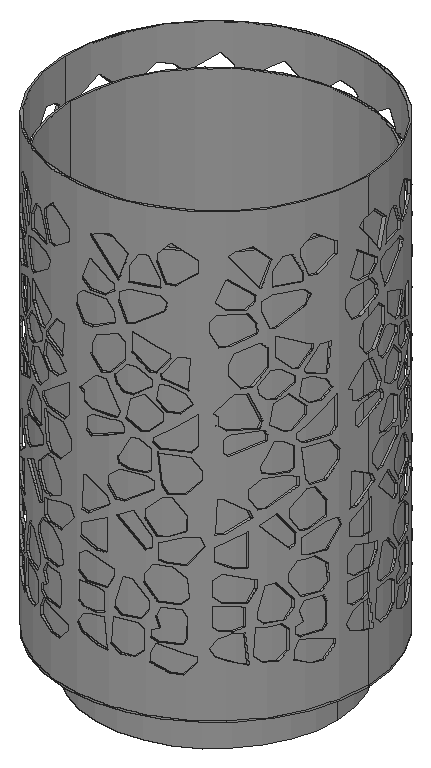
Revit family "Урна «Филигран» Арт 14824", category Антураж, Revit 2018 (continued)
Automatic sketch dimensions
  Extrusion 6 sketch curve to Extrusion 6 sketch curve = 5.343 mm
  Extrusion 6 sketch curve to Extrusion 6 sketch curve = 5.238 mm
  Extrusion 6 sketch curve to Extrusion 6 sketch curve = 10.547 mm
  Extrusion 6 sketch curve to Extrusion 6 sketch curve = 15.668 mm
  Extrusion 6 sketch curve to Extrusion 6 sketch curve = 21.141 mm
  Extrusion 6 sketch curve to Extrusion 6 sketch curve = 6.408 mm
  Extrusion 6 sketch curve to Extrusion 6 sketch curve = 9.325 mm
  Extrusion 6 sketch curve to Extrusion 6 sketch curve = 5.207 mm
  Extrusion 6 sketch curve to Extrusion 6 sketch curve = 3.067 mm
  Extrusion 6 sketch curve to Extrusion 6 sketch curve = 6.028 mm
  Extrusion 6 sketch curve to Extrusion 6 sketch curve = 15.909 mm
  Extrusion 6 sketch curve to Extrusion 6 sketch curve = 1.8 mm
  Extrusion 6 sketch curve to Extrusion 6 sketch curve = 5.975 mm
  Extrusion 6 sketch curve to Extrusion 6 sketch curve = 5.996 mm
  Extrusion 6 sketch curve to Extrusion 6 sketch curve = 6.584 mm
  Extrusion 6 sketch curve to Extrusion 6 sketch curve = 9.912 mm
  Extrusion 6 sketch curve to Extrusion 6 sketch curve = 13.31 mm
  Extrusion 6 sketch curve to Extrusion 6 sketch curve = 1.87 mm
  Extrusion 6 sketch curve to Extrusion 6 sketch curve = 6.81 mm
  Extrusion 6 sketch curve to Extrusion 6 sketch curve = 10.378 mm
  Extrusion 6 sketch curve to Extrusion 6 sketch curve = 3.026 mm
  Extrusion 6 sketch curve to Extrusion 6 sketch curve = 12.277 mm
  Extrusion 6 sketch curve to Extrusion 6 sketch curve = 5.217 mm
  Extrusion 6 sketch curve to Extrusion 6 sketch curve = 8.258 mm
  Extrusion 6 sketch curve to Extrusion 6 sketch curve = 9.845 mm
  Extrusion 6 sketch curve to Extrusion 6 sketch curve = 6.924 mm
  Extrusion 6 sketch curve to Extrusion 6 sketch curve = 5 mm  (x2)
  Extrusion 6 sketch curve to Extrusion 6 sketch curve = 6.001 mm
  Extrusion 6 sketch curve to Extrusion 6 sketch curve = 2.452 mm
  Extrusion 6 sketch curve to Extrusion 6 sketch curve = 5.552 mm
  Extrusion 6 sketch curve to Extrusion 6 sketch curve = 9.748 mm
  Extrusion 6 sketch curve to Extrusion 6 sketch curve = 6.592 mm
  Extrusion 6 sketch curve to Extrusion 6 sketch curve = 4.054 mm
  Extrusion 6 sketch curve to Extrusion 6 sketch curve = 9.124 mm
  Extrusion 6 sketch curve to Extrusion 6 sketch curve = 12.1 mm
  Extrusion 6 sketch curve to Extrusion 6 sketch curve = 2.912 mm
  Extrusion 6 sketch curve to Extrusion 6 sketch curve = 4.05 mm
  Extrusion 6 sketch curve to Extrusion 6 sketch curve = 11.595 mm
  Extrusion 6 sketch curve to Extrusion 6 sketch curve = 8.083 mm
  Extrusion 6 sketch curve to Extrusion 6 sketch curve = 17.565 mm
  Extrusion 6 sketch curve to Extrusion 6 sketch curve = 9.249 mm
  Extrusion 6 sketch curve to Extrusion 6 sketch curve = 10.206 mm
  Extrusion 6 sketch curve to Extrusion 6 sketch curve = 4.461 mm
  Extrusion 6 sketch curve to Extrusion 6 sketch curve = 0.23 mm
  Extrusion 6 sketch curve to Extrusion 6 sketch curve = 7.475 mm
  Extrusion 6 sketch curve to Extrusion 6 sketch curve = 8.77 mm
  Extrusion 6 sketch curve to Extrusion 6 sketch curve = 5.016 mm
  Extrusion 6 sketch curve to Extrusion 6 sketch curve = 8.471 mm
  level to Extrusion 7 sketch curve = 258.66 mm
  Extrusion 7 sketch curve to Extrusion 7 sketch curve = 3.475 mm
  Extrusion 7 sketch curve to Extrusion 7 sketch curve = 5.917 mm
  Extrusion 7 sketch curve to plane 6 = 57.671 mm  (x2)
  Extrusion 7 sketch curve to Extrusion 7 sketch curve = 4.003 mm
  Extrusion 7 sketch curve to Extrusion 7 sketch curve = 4.036 mm
  Extrusion 7 sketch curve to Extrusion 7 sketch curve = 8.618 mm
  Extrusion 7 sketch curve to plane 6 = 226.764 mm
  Extrusion 7 sketch curve to Extrusion 7 sketch curve = 4.755 mm
  Extrusion 7 sketch curve to plane 6 = 282.423 mm
  Extrusion 7 sketch curve to Extrusion 7 sketch curve = 7.071 mm  (x3)
  Extrusion 7 sketch curve to Extrusion 7 sketch curve = 2.95 mm
  Extrusion 7 sketch curve to Extrusion 7 sketch curve = 1.479 mm
  level to Extrusion 7 sketch curve = 196.579 mm
  Extrusion 7 sketch curve to Extrusion 7 sketch curve = 16.901 mm
  Extrusion 7 sketch curve to plane 6 = 210.193 mm
  Extrusion 7 sketch curve to Extrusion 7 sketch curve = 5.63 mm
  level to Extrusion 7 sketch curve = 219.818 mm
  Extrusion 7 sketch curve to Extrusion 7 sketch curve = 2.033 mm
  Extrusion 7 sketch curve to Extrusion 7 sketch curve = 0.296 mm
  level to Extrusion 7 sketch curve = 269.335 mm
  Extrusion 7 sketch curve to Extrusion 7 sketch curve = 13.314 mm
  level to Extrusion 7 sketch curve = 293.443 mm
  Extrusion 7 sketch curve to Extrusion 7 sketch curve = 0 mm  (x4)
  level to Extrusion 7 sketch curve = 174.886 mm
  Extrusion 7 sketch curve to Extrusion 7 sketch curve = 2.347 mm
  Extrusion 7 sketch curve to plane 6 = 214.574 mm
  Extrusion 7 sketch curve to Extrusion 7 sketch curve = 3.111 mm
  Extrusion 7 sketch curve to Extrusion 7 sketch curve = 1.921 mm
  level to Extrusion 7 sketch curve = 142.717 mm
  Extrusion 7 sketch curve to Extrusion 7 sketch curve = 3.5 mm
  Extrusion 7 sketch curve to Extrusion 7 sketch curve = 14.142 mm  (x2)
  Extrusion 7 sketch curve to Extrusion 7 sketch curve = 4.226 mm  (x2)
  Extrusion 7 sketch curve to plane 6 = 237.624 mm
  Extrusion 7 sketch curve to Extrusion 7 sketch curve = 13.411 mm
  Extrusion 7 sketch curve to Extrusion 7 sketch curve = 2.555 mm
  Extrusion 7 sketch curve to plane 6 = 171.858 mm
  Extrusion 7 sketch curve to Extrusion 7 sketch curve = 13.402 mm
  Extrusion 7 sketch curve to plane 6 = 88.362 mm
  Extrusion 7 sketch curve to Extrusion 7 sketch curve = 23.515 mm
  Extrusion 7 sketch curve to Extrusion 7 sketch curve = 12.773 mm
  level to Extrusion 7 sketch curve = 232.674 mm
  Extrusion 7 sketch curve to Extrusion 7 sketch curve = 15.025 mm
  Extrusion 7 sketch curve to plane 6 = 39.436 mm
  Extrusion 7 sketch curve to Extrusion 7 sketch curve = 28.08 mm
  Extrusion 7 sketch curve to plane 6 = 174.528 mm
  Extrusion 7 sketch curve to Extrusion 7 sketch curve = 7.66 mm
  Extrusion 7 sketch curve to Extrusion 7 sketch curve = 14.168 mm
  Extrusion 7 sketch curve to plane 6 = 206.419 mm
  Extrusion 7 sketch curve to Extrusion 7 sketch curve = 16.342 mm
  Extrusion 7 sketch curve to plane 6 = 109.299 mm
  Extrusion 7 sketch curve to Extrusion 7 sketch curve = 7.958 mm
  level to Extrusion 7 sketch curve = 266.542 mm
  Extrusion 7 sketch curve to Extrusion 7 sketch curve = 19.741 mm
  level to Extrusion 7 sketch curve = 317.862 mm
  Extrusion 7 sketch curve to Extrusion 7 sketch curve = 5.393 mm
  Extrusion 7 sketch curve to Extrusion 7 sketch curve = 14.055 mm
  level to Extrusion 7 sketch curve = 138.167 mm
  Extrusion 7 sketch curve to Extrusion 7 sketch curve = 17.512 mm
  Extrusion 7 sketch curve to Extrusion 7 sketch curve = 10 mm  (x6)
  Extrusion 7 sketch curve to Extrusion 7 sketch curve = 7.253 mm
  Extrusion 7 sketch curve to plane 6 = 120.866 mm  (x2)
  Extrusion 7 sketch curve to Extrusion 7 sketch curve = 3.536 mm  (x3)
  Extrusion 7 sketch curve to plane 6 = 239.831 mm
  Extrusion 7 sketch curve to Extrusion 7 sketch curve = 3.3 mm
  level to Extrusion 7 sketch curve = 313.668 mm
  Extrusion 7 sketch curve to Extrusion 7 sketch curve = 4.607 mm
  Extrusion 7 sketch curve to plane 6 = 324.159 mm
  Extrusion 7 sketch curve to Extrusion 7 sketch curve = 5.991 mm
  Extrusion 7 sketch curve to plane 6 = 200.187 mm
  Extrusion 7 sketch curve to Extrusion 7 sketch curve = 8.037 mm
  Extrusion 7 sketch curve to plane 6 = 83.398 mm
  Extrusion 7 sketch curve to Extrusion 7 sketch curve = 5.089 mm
  Extrusion 7 sketch curve to plane 6 = 102.168 mm
  level to Extrusion 7 sketch curve = 183.949 mm
  Extrusion 7 sketch curve to Extrusion 7 sketch curve = 20.212 mm
  Extrusion 7 sketch curve to plane 6 = 195.263 mm
  Extrusion 7 sketch curve to Extrusion 7 sketch curve = 0.868 mm
  Extrusion 7 sketch curve to Extrusion 7 sketch curve = 30.879 mm
  level to Extrusion 7 sketch curve = 159.317 mm  (x2)
  Extrusion 7 sketch curve to Extrusion 7 sketch curve = 6.83 mm
  Extrusion 7 sketch curve to Extrusion 7 sketch curve = 3.31 mm
  Extrusion 7 sketch curve to Extrusion 7 sketch curve = 2.209 mm
  Extrusion 7 sketch curve to Extrusion 7 sketch curve = 8.917 mm
  Extrusion 7 sketch curve to Extrusion 7 sketch curve = 3.401 mm
  level to Extrusion 7 sketch curve = 258.265 mm
  Extrusion 7 sketch curve to Extrusion 7 sketch curve = 10.671 mm
  Extrusion 7 sketch curve to Extrusion 7 sketch curve = 0.568 mm
  Extrusion 7 sketch curve to Extrusion 7 sketch curve = 4.256 mm
  Extrusion 7 sketch curve to Extrusion 7 sketch curve = 4.125 mm
  level to Extrusion 7 sketch curve = 140.693 mm
  Extrusion 7 sketch curve to Extrusion 7 sketch curve = 2.024 mm
  Extrusion 7 sketch curve to plane 6 = 225.97 mm
  Extrusion 7 sketch curve to Extrusion 7 sketch curve = 8.354 mm
  level to Extrusion 7 sketch curve = 173.096 mm
  Extrusion 7 sketch curve to Extrusion 7 sketch curve = 5.299 mm
  Extrusion 7 sketch curve to plane 6 = 320.969 mm
  Extrusion 7 sketch curve to Extrusion 7 sketch curve = 6.534 mm
  Extrusion 7 sketch curve to Extrusion 7 sketch curve = 4.612 mm
  Extrusion 7 sketch curve to plane 6 = 210.276 mm
  Extrusion 7 sketch curve to Extrusion 7 sketch curve = 5.606 mm
  Extrusion 7 sketch curve to Extrusion 7 sketch curve = 7.361 mm
  level to Extrusion 7 sketch curve = 252.15 mm
  Extrusion 7 sketch curve to Extrusion 7 sketch curve = 4.705 mm
  Extrusion 7 sketch curve to plane 6 = 283.32 mm
  Extrusion 7 sketch curve to Extrusion 7 sketch curve = 6.429 mm
  Extrusion 7 sketch curve to Extrusion 7 sketch curve = 8.905 mm
  level to Extrusion 7 sketch curve = 177.916 mm
  Extrusion 7 sketch curve to Extrusion 7 sketch curve = 5.74 mm
  level to Extrusion 7 sketch curve = 117.825 mm
  Extrusion 7 sketch curve to Extrusion 7 sketch curve = 20.352 mm
  Extrusion 7 sketch curve to Extrusion 7 sketch curve = 7.109 mm
  Extrusion 7 sketch curve to plane 6 = 264.693 mm  (x2)
  Extrusion 7 sketch curve to Extrusion 7 sketch curve = 3.592 mm  (x2)
  Extrusion 7 sketch curve to Extrusion 7 sketch curve = 8.132 mm
  Extrusion 7 sketch curve to plane 6 = 312.568 mm
  Extrusion 7 sketch curve to Extrusion 7 sketch curve = 5.459 mm
  level to Extrusion 7 sketch curve = 248.381 mm
  Extrusion 7 sketch curve to Extrusion 7 sketch curve = 6.799 mm  (x2)
  Extrusion 7 sketch curve to plane 6 = 220.729 mm
  Extrusion 7 sketch curve to Extrusion 7 sketch curve = 10.749 mm
  Extrusion 7 sketch curve to Extrusion 7 sketch curve = 5.002 mm
  Extrusion 7 sketch curve to Extrusion 7 sketch curve = 8.04 mm
  Extrusion 7 sketch curve to plane 6 = 315.46 mm
  Extrusion 7 sketch curve to Extrusion 7 sketch curve = 2.091 mm
  Extrusion 7 sketch curve to Extrusion 7 sketch curve = 9.117 mm
  Extrusion 7 sketch curve to Extrusion 7 sketch curve = 3.602 mm
  Extrusion 7 sketch curve to Extrusion 7 sketch curve = 8.566 mm
  Extrusion 7 sketch curve to Extrusion 7 sketch curve = 1.279 mm
  level to Extrusion 7 sketch curve = 161.682 mm
  Extrusion 7 sketch curve to Extrusion 7 sketch curve = 3.47 mm
  Extrusion 7 sketch curve to Extrusion 7 sketch curve = 12.786 mm
  level to Extrusion 7 sketch curve = 119.884 mm
  Extrusion 7 sketch curve to Extrusion 7 sketch curve = 9.727 mm
  Extrusion 7 sketch curve to plane 6 = 141.601 mm
  Extrusion 7 sketch curve to Extrusion 7 sketch curve = 31.076 mm
  Extrusion 7 sketch curve to plane 6 = 224.181 mm
  Extrusion 7 sketch curve to Extrusion 7 sketch curve = 11.559 mm
  level to Extrusion 7 sketch curve = 291.877 mm
  Extrusion 7 sketch curve to Extrusion 7 sketch curve = 11.676 mm
  Extrusion 7 sketch curve to Extrusion 7 sketch curve = 11.409 mm
  Extrusion 7 sketch curve to Extrusion 7 sketch curve = 2.481 mm
  Extrusion 7 sketch curve to Extrusion 7 sketch curve = 8.663 mm
  Extrusion 7 sketch curve to plane 6 = 229.884 mm
  Extrusion 7 sketch curve to Extrusion 7 sketch curve = 4.297 mm
  Extrusion 7 sketch curve to Extrusion 7 sketch curve = 15.112 mm
  Extrusion 7 sketch curve to Extrusion 7 sketch curve = 32.388 mm
  Extrusion 7 sketch curve to plane 6 = 74.992 mm
  Extrusion 7 sketch curve to plane 6 = 60.835 mm
  Extrusion 7 sketch curve to Extrusion 7 sketch curve = 10.174 mm
  Extrusion 7 sketch curve to Extrusion 7 sketch curve = 6.951 mm
  Extrusion 7 sketch curve to plane 6 = 253.55 mm
  Extrusion 7 sketch curve to Extrusion 7 sketch curve = 14.787 mm
  Extrusion 7 sketch curve to Extrusion 7 sketch curve = 1.016 mm
  Extrusion 7 sketch curve to Extrusion 7 sketch curve = 1.533 mm
  level to Extrusion 7 sketch curve = 299.941 mm  (x2)
  Extrusion 7 sketch curve to Extrusion 7 sketch curve = 8.716 mm
  Extrusion 7 sketch curve to Extrusion 7 sketch curve = 5.703 mm
  Extrusion 7 sketch curve to Extrusion 7 sketch curve = 10.281 mm
  Extrusion 7 sketch curve to Extrusion 7 sketch curve = 16.53 mm
  Extrusion 7 sketch curve to Extrusion 7 sketch curve = 3.13 mm
  Extrusion 7 sketch curve to plane 6 = 248.305 mm
  Extrusion 7 sketch curve to Extrusion 7 sketch curve = 5.753 mm
  Extrusion 7 sketch curve to Extrusion 7 sketch curve = 15 mm  (x3)
  Extrusion 7 sketch curve to Extrusion 7 sketch curve = 9.888 mm
  Extrusion 7 sketch curve to plane 6 = 308.711 mm
  Extrusion 7 sketch curve to Extrusion 7 sketch curve = 0.709 mm
  Extrusion 7 sketch curve to plane 6 = 94.306 mm
  Extrusion 7 sketch curve to Extrusion 7 sketch curve = 10.408 mm
  Extrusion 7 sketch curve to plane 6 = 108.218 mm
  Extrusion 7 sketch curve to Extrusion 7 sketch curve = 10.479 mm
  Extrusion 7 sketch curve to plane 6 = 156.19 mm
  Extrusion 7 sketch curve to Extrusion 7 sketch curve = 8.092 mm  (x2)
  Extrusion 7 sketch curve to plane 6 = 301.55 mm
  Extrusion 7 sketch curve to Extrusion 7 sketch curve = 0.753 mm
  Extrusion 7 sketch curve to Extrusion 7 sketch curve = 4.108 mm
  Extrusion 7 sketch curve to plane 6 = 217.11 mm
  level to Extrusion 7 sketch curve = 280.985 mm
  Extrusion 7 sketch curve to Extrusion 7 sketch curve = 16.773 mm
  Extrusion 7 sketch curve to plane 6 = 259.047 mm
  Extrusion 7 sketch curve to Extrusion 7 sketch curve = 0.892 mm
  Extrusion 7 sketch curve to plane 6 = 145.27 mm
  Extrusion 7 sketch curve to Extrusion 7 sketch curve = 1.907 mm
  Extrusion 7 sketch curve to Extrusion 7 sketch curve = 8.614 mm
  Extrusion 7 sketch curve to plane 6 = 133.343 mm
  Extrusion 7 sketch curve to Extrusion 7 sketch curve = 1.043 mm
  Extrusion 7 sketch curve to Extrusion 7 sketch curve = 7.325 mm
  Extrusion 7 sketch curve to Extrusion 7 sketch curve = 6.503 mm  (x2)
  Extrusion 7 sketch curve to plane 6 = 207.262 mm
  Extrusion 7 sketch curve to Extrusion 7 sketch curve = 1.736 mm
  Extrusion 7 sketch curve to Extrusion 7 sketch curve = 4.183 mm
  Extrusion 7 sketch curve to Extrusion 7 sketch curve = 8.47 mm
  Extrusion 7 sketch curve to plane 6 = 43.158 mm
  Extrusion 7 sketch curve to Extrusion 7 sketch curve = 17.678 mm  (x2)
  level to Extrusion 7 sketch curve = 129.202 mm
  Extrusion 7 sketch curve to Extrusion 7 sketch curve = 9.318 mm
  Extrusion 7 sketch curve to plane 6 = 206.245 mm
  Extrusion 7 sketch curve to Extrusion 7 sketch curve = 3.834 mm
  level to Extrusion 7 sketch curve = 290.544 mm
  Extrusion 7 sketch curve to Extrusion 7 sketch curve = 4.991 mm
  level to Extrusion 7 sketch curve = 119.52 mm
  Extrusion 7 sketch curve to Extrusion 7 sketch curve = 3.033 mm
  Extrusion 7 sketch curve to Extrusion 7 sketch curve = 8.412 mm
  Extrusion 7 sketch curve to Extrusion 7 sketch curve = 11.911 mm
  Extrusion 7 sketch curve to Extrusion 7 sketch curve = 7.65 mm  (x2)
  Extrusion 7 sketch curve to Extrusion 7 sketch curve = 4.293 mm
  Extrusion 7 sketch curve to Extrusion 7 sketch curve = 11.709 mm
  Extrusion 7 sketch curve to Extrusion 7 sketch curve = 0.819 mm
  Extrusion 7 sketch curve to Extrusion 7 sketch curve = 2.609 mm
  level to Extrusion 7 sketch curve = 157.069 mm
  Extrusion 7 sketch curve to plane 6 = 207.982 mm
  Extrusion 7 sketch curve to Extrusion 7 sketch curve = 5.555 mm
  level to Extrusion 7 sketch curve = 189.187 mm
  Extrusion 7 sketch curve to Extrusion 7 sketch curve = 6.128 mm
  level to Extrusion 7 sketch curve = 121.879 mm
  Extrusion 7 sketch curve to Extrusion 7 sketch curve = 10.218 mm
  Extrusion 7 sketch curve to Extrusion 7 sketch curve = 10.487 mm
  Extrusion 7 sketch curve to plane 6 = 47.04 mm
  Extrusion 7 sketch curve to Extrusion 7 sketch curve = 14.489 mm
  Extrusion 7 sketch curve to Extrusion 7 sketch curve = 5.237 mm
  Extrusion 7 sketch curve to Extrusion 7 sketch curve = 9.063 mm
  Extrusion 7 sketch curve to plane 6 = 167.149 mm
  Extrusion 7 sketch curve to Extrusion 7 sketch curve = 22.47 mm
  Extrusion 7 sketch curve to Extrusion 7 sketch curve = 2.619 mm
  level to Extrusion 7 sketch curve = 156.034 mm
  Extrusion 7 sketch curve to plane 6 = 261.534 mm
  Extrusion 7 sketch curve to Extrusion 7 sketch curve = 23.668 mm
  Extrusion 7 sketch curve to plane 6 = 287.11 mm
  Extrusion 7 sketch curve to Extrusion 7 sketch curve = 1.426 mm
  Extrusion 7 sketch curve to plane 6 = 180.532 mm
  Extrusion 7 sketch curve to Extrusion 7 sketch curve = 4.574 mm
  Extrusion 7 sketch curve to Extrusion 7 sketch curve = 1.848 mm
  Extrusion 7 sketch curve to plane 6 = 52.801 mm
  Extrusion 7 sketch curve to Extrusion 7 sketch curve = 5.761 mm
  Extrusion 7 sketch curve to plane 6 = 78.801 mm
  Extrusion 7 sketch curve to Extrusion 7 sketch curve = 1.466 mm
  level to Extrusion 7 sketch curve = 272.528 mm
  Extrusion 7 sketch curve to Extrusion 7 sketch curve = 18.596 mm
  Extrusion 7 sketch curve to Extrusion 7 sketch curve = 4.575 mm  (x2)
  level to Extrusion 7 sketch curve = 191.538 mm
  Extrusion 7 sketch curve to Extrusion 7 sketch curve = 11.805 mm
  level to Extrusion 7 sketch curve = 227.467 mm
  Extrusion 7 sketch curve to Extrusion 7 sketch curve = 10.054 mm
  Extrusion 7 sketch curve to Extrusion 7 sketch curve = 20.79 mm
  Extrusion 7 sketch curve to Extrusion 7 sketch curve = 8.964 mm
  Extrusion 7 sketch curve to plane 6 = 158.654 mm
  Extrusion 7 sketch curve to Extrusion 7 sketch curve = 9.033 mm
  Extrusion 7 sketch curve to Extrusion 7 sketch curve = 7.689 mm
  level to Extrusion 7 sketch curve = 151.454 mm
  Extrusion 7 sketch curve to Extrusion 7 sketch curve = 0.858 mm
  Extrusion 7 sketch curve to Extrusion 7 sketch curve = 8.252 mm
  Extrusion 7 sketch curve to Extrusion 7 sketch curve = 3.917 mm
  level to Extrusion 7 sketch curve = 129.963 mm
  Extrusion 7 sketch curve to Extrusion 7 sketch curve = 16.557 mm
  level to Extrusion 7 sketch curve = 273.191 mm
  Extrusion 7 sketch curve to Extrusion 7 sketch curve = 7.576 mm
  Extrusion 7 sketch curve to plane 6 = 106.405 mm
  level to Extrusion 7 sketch curve = 240.883 mm
  Extrusion 7 sketch curve to Extrusion 7 sketch curve = 6.759 mm
  Extrusion 7 sketch curve to plane 6 = 236.112 mm
  Extrusion 7 sketch curve to Extrusion 7 sketch curve = 8.195 mm  (x2)
  level to Extrusion 7 sketch curve = 219.272 mm
  level to Extrusion 7 sketch curve = 139.026 mm
  Extrusion 7 sketch curve to Extrusion 7 sketch curve = 7.097 mm
  Extrusion 7 sketch curve to Extrusion 7 sketch curve = 34.828 mm
  Extrusion 7 sketch curve to Extrusion 7 sketch curve = 10.416 mm
  Extrusion 7 sketch curve to Extrusion 7 sketch curve = 7.062 mm
  Extrusion 7 sketch curve to Extrusion 7 sketch curve = 1.37 mm
  Extrusion 7 sketch curve to Extrusion 7 sketch curve = 7.169 mm
  Extrusion 7 sketch curve to Extrusion 7 sketch curve = 7.12 mm
  Extrusion 7 sketch curve to Extrusion 7 sketch curve = 0.554 mm
  Extrusion 7 sketch curve to Extrusion 7 sketch curve = 6.475 mm
  Extrusion 7 sketch curve to Extrusion 7 sketch curve = 5.338 mm
  Extrusion 7 sketch curve to Extrusion 7 sketch curve = 3.946 mm
  Extrusion 7 sketch curve to Extrusion 7 sketch curve = 6.938 mm
  Extrusion 7 sketch curve to Extrusion 7 sketch curve = 5.343 mm
  Extrusion 7 sketch curve to Extrusion 7 sketch curve = 5.238 mm
  Extrusion 7 sketch curve to Extrusion 7 sketch curve = 10.547 mm
  Extrusion 7 sketch curve to Extrusion 7 sketch curve = 15.668 mm
  Extrusion 7 sketch curve to Extrusion 7 sketch curve = 21.141 mm
  Extrusion 7 sketch curve to Extrusion 7 sketch curve = 6.408 mm
  Extrusion 7 sketch curve to Extrusion 7 sketch curve = 9.325 mm
  Extrusion 7 sketch curve to Extrusion 7 sketch curve = 5.207 mm
  Extrusion 7 sketch curve to Extrusion 7 sketch curve = 3.067 mm
  Extrusion 7 sketch curve to Extrusion 7 sketch curve = 6.028 mm
  Extrusion 7 sketch curve to Extrusion 7 sketch curve = 15.909 mm
  Extrusion 7 sketch curve to Extrusion 7 sketch curve = 1.8 mm
  Extrusion 7 sketch curve to Extrusion 7 sketch curve = 5.975 mm
  Extrusion 7 sketch curve to Extrusion 7 sketch curve = 5.996 mm
  Extrusion 7 sketch curve to Extrusion 7 sketch curve = 6.584 mm
  Extrusion 7 sketch curve to Extrusion 7 sketch curve = 9.912 mm
  Extrusion 7 sketch curve to Extrusion 7 sketch curve = 13.31 mm
  Extrusion 7 sketch curve to Extrusion 7 sketch curve = 1.87 mm
  Extrusion 7 sketch curve to Extrusion 7 sketch curve = 6.81 mm
  Extrusion 7 sketch curve to Extrusion 7 sketch curve = 10.378 mm
  Extrusion 7 sketch curve to Extrusion 7 sketch curve = 3.026 mm
  Extrusion 7 sketch curve to Extrusion 7 sketch curve = 12.277 mm
  Extrusion 7 sketch curve to Extrusion 7 sketch curve = 5.217 mm
  Extrusion 7 sketch curve to Extrusion 7 sketch curve = 8.258 mm
  Extrusion 7 sketch curve to Extrusion 7 sketch curve = 9.845 mm
  Extrusion 7 sketch curve to Extrusion 7 sketch curve = 6.924 mm
  Extrusion 7 sketch curve to Extrusion 7 sketch curve = 5 mm  (x2)
  Extrusion 7 sketch curve to Extrusion 7 sketch curve = 6.001 mm
  Extrusion 7 sketch curve to Extrusion 7 sketch curve = 2.452 mm
  Extrusion 7 sketch curve to Extrusion 7 sketch curve = 5.552 mm
  Extrusion 7 sketch curve to Extrusion 7 sketch curve = 9.748 mm
  Extrusion 7 sketch curve to Extrusion 7 sketch curve = 6.592 mm
  Extrusion 7 sketch curve to Extrusion 7 sketch curve = 4.054 mm
  Extrusion 7 sketch curve to Extrusion 7 sketch curve = 9.124 mm
  Extrusion 7 sketch curve to Extrusion 7 sketch curve = 12.1 mm
  Extrusion 7 sketch curve to Extrusion 7 sketch curve = 2.912 mm
  Extrusion 7 sketch curve to Extrusion 7 sketch curve = 4.05 mm
  Extrusion 7 sketch curve to Extrusion 7 sketch curve = 11.595 mm
  Extrusion 7 sketch curve to Extrusion 7 sketch curve = 8.083 mm
  Extrusion 7 sketch curve to Extrusion 7 sketch curve = 17.565 mm
  Extrusion 7 sketch curve to Extrusion 7 sketch curve = 9.249 mm
  Extrusion 7 sketch curve to Extrusion 7 sketch curve = 10.206 mm
  Extrusion 7 sketch curve to Extrusion 7 sketch curve = 4.461 mm
  Extrusion 7 sketch curve to Extrusion 7 sketch curve = 0.23 mm
  Extrusion 7 sketch curve to Extrusion 7 sketch curve = 7.475 mm
  Extrusion 7 sketch curve to Extrusion 7 sketch curve = 8.77 mm
  Extrusion 7 sketch curve to Extrusion 7 sketch curve = 5.016 mm
  Extrusion 7 sketch curve to Extrusion 7 sketch curve = 8.471 mm
  level to Extrusion 8 sketch curve = 258.66 mm
  Extrusion 8 sketch curve to Extrusion 8 sketch curve = 3.475 mm
  Extrusion 8 sketch curve to Extrusion 8 sketch curve = 5.917 mm
  Extrusion 8 sketch curve to plane 6 = 57.671 mm  (x2)
  Extrusion 8 sketch curve to Extrusion 8 sketch curve = 4.003 mm
  Extrusion 8 sketch curve to Extrusion 8 sketch curve = 4.036 mm
  Extrusion 8 sketch curve to Extrusion 8 sketch curve = 8.618 mm
  Extrusion 8 sketch curve to plane 6 = 226.764 mm
  Extrusion 8 sketch curve to Extrusion 8 sketch curve = 4.755 mm
  Extrusion 8 sketch curve to plane 6 = 282.423 mm
  Extrusion 8 sketch curve to Extrusion 8 sketch curve = 7.071 mm  (x3)
  Extrusion 8 sketch curve to Extrusion 8 sketch curve = 2.95 mm
  Extrusion 8 sketch curve to Extrusion 8 sketch curve = 1.479 mm
  level to Extrusion 8 sketch curve = 196.579 mm
  Extrusion 8 sketch curve to Extrusion 8 sketch curve = 16.901 mm
  Extrusion 8 sketch curve to plane 6 = 210.193 mm
  Extrusion 8 sketch curve to Extrusion 8 sketch curve = 5.63 mm
  level to Extrusion 8 sketch curve = 219.818 mm
  Extrusion 8 sketch curve to Extrusion 8 sketch curve = 2.033 mm
  Extrusion 8 sketch curve to Extrusion 8 sketch curve = 0.296 mm
  level to Extrusion 8 sketch curve = 269.335 mm
  Extrusion 8 sketch curve to Extrusion 8 sketch curve = 13.314 mm
  level to Extrusion 8 sketch curve = 293.443 mm
  Extrusion 8 sketch curve to Extrusion 8 sketch curve = 0 mm  (x4)
  level to Extrusion 8 sketch curve = 174.886 mm
  Extrusion 8 sketch curve to Extrusion 8 sketch curve = 2.347 mm
  Extrusion 8 sketch curve to plane 6 = 214.574 mm
  Extrusion 8 sketch curve to Extrusion 8 sketch curve = 3.111 mm
  Extrusion 8 sketch curve to Extrusion 8 sketch curve = 1.921 mm
  level to Extrusion 8 sketch curve = 142.717 mm
  Extrusion 8 sketch curve to Extrusion 8 sketch curve = 3.5 mm
  Extrusion 8 sketch curve to Extrusion 8 sketch curve = 14.142 mm  (x2)
  Extrusion 8 sketch curve to Extrusion 8 sketch curve = 4.226 mm  (x2)
  Extrusion 8 sketch curve to plane 6 = 237.624 mm
  Extrusion 8 sketch curve to Extrusion 8 sketch curve = 13.411 mm
  Extrusion 8 sketch curve to Extrusion 8 sketch curve = 2.555 mm
  Extrusion 8 sketch curve to plane 6 = 171.858 mm
  Extrusion 8 sketch curve to Extrusion 8 sketch curve = 13.402 mm
  Extrusion 8 sketch curve to plane 6 = 88.362 mm
  Extrusion 8 sketch curve to Extrusion 8 sketch curve = 23.515 mm
  Extrusion 8 sketch curve to Extrusion 8 sketch curve = 12.773 mm
  level to Extrusion 8 sketch curve = 232.674 mm
  Extrusion 8 sketch curve to Extrusion 8 sketch curve = 15.025 mm
  Extrusion 8 sketch curve to plane 6 = 39.436 mm
  Extrusion 8 sketch curve to Extrusion 8 sketch curve = 28.08 mm
  Extrusion 8 sketch curve to plane 6 = 174.528 mm
  Extrusion 8 sketch curve to Extrusion 8 sketch curve = 7.66 mm
  Extrusion 8 sketch curve to Extrusion 8 sketch curve = 14.168 mm
  Extrusion 8 sketch curve to plane 6 = 206.419 mm
  Extrusion 8 sketch curve to Extrusion 8 sketch curve = 16.342 mm
  Extrusion 8 sketch curve to plane 6 = 109.299 mm
  Extrusion 8 sketch curve to Extrusion 8 sketch curve = 7.958 mm
  level to Extrusion 8 sketch curve = 266.542 mm
  Extrusion 8 sketch curve to Extrusion 8 sketch curve = 19.741 mm
  level to Extrusion 8 sketch curve = 317.862 mm
  Extrusion 8 sketch curve to Extrusion 8 sketch curve = 5.393 mm
  Extrusion 8 sketch curve to Extrusion 8 sketch curve = 14.055 mm
  level to Extrusion 8 sketch curve = 138.167 mm
  Extrusion 8 sketch curve to Extrusion 8 sketch curve = 17.512 mm
  Extrusion 8 sketch curve to Extrusion 8 sketch curve = 10 mm  (x6)
  Extrusion 8 sketch curve to Extrusion 8 sketch curve = 7.253 mm
  Extrusion 8 sketch curve to plane 6 = 120.866 mm  (x2)
  Extrusion 8 sketch curve to Extrusion 8 sketch curve = 3.536 mm  (x3)
  Extrusion 8 sketch curve to plane 6 = 239.831 mm
  Extrusion 8 sketch curve to Extrusion 8 sketch curve = 3.3 mm
  level to Extrusion 8 sketch curve = 313.668 mm
  Extrusion 8 sketch curve to Extrusion 8 sketch curve = 4.607 mm
  Extrusion 8 sketch curve to plane 6 = 324.159 mm
  Extrusion 8 sketch curve to Extrusion 8 sketch curve = 5.991 mm
  Extrusion 8 sketch curve to plane 6 = 200.187 mm
  Extrusion 8 sketch curve to Extrusion 8 sketch curve = 8.037 mm
  Extrusion 8 sketch curve to plane 6 = 83.398 mm
  Extrusion 8 sketch curve to Extrusion 8 sketch curve = 5.089 mm
  Extrusion 8 sketch curve to plane 6 = 102.168 mm
  level to Extrusion 8 sketch curve = 183.949 mm
  Extrusion 8 sketch curve to Extrusion 8 sketch curve = 20.212 mm
  Extrusion 8 sketch curve to plane 6 = 195.263 mm
  Extrusion 8 sketch curve to Extrusion 8 sketch curve = 0.868 mm
  Extrusion 8 sketch curve to Extrusion 8 sketch curve = 30.879 mm
  level to Extrusion 8 sketch curve = 159.317 mm  (x2)
  Extrusion 8 sketch curve to Extrusion 8 sketch curve = 6.83 mm
  Extrusion 8 sketch curve to Extrusion 8 sketch curve = 3.31 mm
  Extrusion 8 sketch curve to Extrusion 8 sketch curve = 2.209 mm
  Extrusion 8 sketch curve to Extrusion 8 sketch curve = 8.917 mm
  Extrusion 8 sketch curve to Extrusion 8 sketch curve = 3.401 mm
  level to Extrusion 8 sketch curve = 258.265 mm
  Extrusion 8 sketch curve to Extrusion 8 sketch curve = 10.671 mm
  Extrusion 8 sketch curve to Extrusion 8 sketch curve = 0.568 mm
  Extrusion 8 sketch curve to Extrusion 8 sketch curve = 4.256 mm
  Extrusion 8 sketch curve to Extrusion 8 sketch curve = 4.125 mm
  level to Extrusion 8 sketch curve = 140.693 mm
  Extrusion 8 sketch curve to Extrusion 8 sketch curve = 2.024 mm
  Extrusion 8 sketch curve to plane 6 = 225.97 mm
  Extrusion 8 sketch curve to Extrusion 8 sketch curve = 8.354 mm
  level to Extrusion 8 sketch curve = 173.096 mm
  Extrusion 8 sketch curve to Extrusion 8 sketch curve = 5.299 mm
  Extrusion 8 sketch curve to plane 6 = 320.969 mm
  Extrusion 8 sketch curve to Extrusion 8 sketch curve = 6.534 mm
  Extrusion 8 sketch curve to Extrusion 8 sketch curve = 4.612 mm
  Extrusion 8 sketch curve to plane 6 = 210.276 mm
  Extrusion 8 sketch curve to Extrusion 8 sketch curve = 5.606 mm
  Extrusion 8 sketch curve to Extrusion 8 sketch curve = 7.361 mm
  level to Extrusion 8 sketch curve = 252.15 mm
  Extrusion 8 sketch curve to Extrusion 8 sketch curve = 4.705 mm
  Extrusion 8 sketch curve to plane 6 = 283.32 mm
  Extrusion 8 sketch curve to Extrusion 8 sketch curve = 6.429 mm
  Extrusion 8 sketch curve to Extrusion 8 sketch curve = 8.905 mm
  level to Extrusion 8 sketch curve = 177.916 mm
  Extrusion 8 sketch curve to Extrusion 8 sketch curve = 5.74 mm
  level to Extrusion 8 sketch curve = 117.825 mm
  Extrusion 8 sketch curve to Extrusion 8 sketch curve = 20.352 mm
  Extrusion 8 sketch curve to Extrusion 8 sketch curve = 7.109 mm
  Extrusion 8 sketch curve to plane 6 = 264.693 mm  (x2)
  Extrusion 8 sketch curve to Extrusion 8 sketch curve = 3.592 mm  (x2)
  Extrusion 8 sketch curve to Extrusion 8 sketch curve = 8.132 mm
  Extrusion 8 sketch curve to plane 6 = 312.568 mm
  Extrusion 8 sketch curve to Extrusion 8 sketch curve = 5.459 mm
  level to Extrusion 8 sketch curve = 248.381 mm
  Extrusion 8 sketch curve to Extrusion 8 sketch curve = 6.799 mm  (x2)
  Extrusion 8 sketch curve to plane 6 = 220.729 mm
  Extrusion 8 sketch curve to Extrusion 8 sketch curve = 10.749 mm
  Extrusion 8 sketch curve to Extrusion 8 sketch curve = 5.002 mm
  Extrusion 8 sketch curve to Extrusion 8 sketch curve = 8.04 mm
  Extrusion 8 sketch curve to plane 6 = 315.46 mm
  Extrusion 8 sketch curve to Extrusion 8 sketch curve = 2.091 mm
  Extrusion 8 sketch curve to Extrusion 8 sketch curve = 9.117 mm
  Extrusion 8 sketch curve to Extrusion 8 sketch curve = 3.602 mm
  Extrusion 8 sketch curve to Extrusion 8 sketch curve = 8.566 mm
  Extrusion 8 sketch curve to Extrusion 8 sketch curve = 1.279 mm
  level to Extrusion 8 sketch curve = 161.682 mm
  Extrusion 8 sketch curve to Extrusion 8 sketch curve = 3.47 mm
  Extrusion 8 sketch curve to Extrusion 8 sketch curve = 12.786 mm
  level to Extrusion 8 sketch curve = 119.884 mm
  Extrusion 8 sketch curve to Extrusion 8 sketch curve = 9.727 mm
  Extrusion 8 sketch curve to plane 6 = 141.601 mm
  Extrusion 8 sketch curve to Extrusion 8 sketch curve = 31.076 mm
  Extrusion 8 sketch curve to plane 6 = 224.181 mm
  Extrusion 8 sketch curve to Extrusion 8 sketch curve = 11.559 mm
  level to Extrusion 8 sketch curve = 291.877 mm
  Extrusion 8 sketch curve to Extrusion 8 sketch curve = 11.676 mm
  Extrusion 8 sketch curve to Extrusion 8 sketch curve = 11.409 mm
  Extrusion 8 sketch curve to Extrusion 8 sketch curve = 2.481 mm
  Extrusion 8 sketch curve to Extrusion 8 sketch curve = 8.663 mm
  Extrusion 8 sketch curve to plane 6 = 229.884 mm
  Extrusion 8 sketch curve to Extrusion 8 sketch curve = 4.297 mm
  Extrusion 8 sketch curve to Extrusion 8 sketch curve = 15.112 mm
  Extrusion 8 sketch curve to Extrusion 8 sketch curve = 32.388 mm
  Extrusion 8 sketch curve to plane 6 = 74.992 mm
  Extrusion 8 sketch curve to plane 6 = 60.835 mm
  Extrusion 8 sketch curve to Extrusion 8 sketch curve = 10.174 mm
  Extrusion 8 sketch curve to Extrusion 8 sketch curve = 6.951 mm
  Extrusion 8 sketch curve to plane 6 = 253.55 mm
  Extrusion 8 sketch curve to Extrusion 8 sketch curve = 14.787 mm
  Extrusion 8 sketch curve to Extrusion 8 sketch curve = 1.016 mm
  Extrusion 8 sketch curve to Extrusion 8 sketch curve = 1.533 mm
  level to Extrusion 8 sketch curve = 299.941 mm  (x2)
  Extrusion 8 sketch curve to Extrusion 8 sketch curve = 8.716 mm
  Extrusion 8 sketch curve to Extrusion 8 sketch curve = 5.703 mm
  Extrusion 8 sketch curve to Extrusion 8 sketch curve = 10.281 mm
  Extrusion 8 sketch curve to Extrusion 8 sketch curve = 16.53 mm
  Extrusion 8 sketch curve to Extrusion 8 sketch curve = 3.13 mm
  Extrusion 8 sketch curve to plane 6 = 248.305 mm
  Extrusion 8 sketch curve to Extrusion 8 sketch curve = 5.753 mm
  Extrusion 8 sketch curve to Extrusion 8 sketch curve = 15 mm  (x3)
  Extrusion 8 sketch curve to Extrusion 8 sketch curve = 9.888 mm
  Extrusion 8 sketch curve to plane 6 = 308.711 mm
  Extrusion 8 sketch curve to Extrusion 8 sketch curve = 0.709 mm
  Extrusion 8 sketch curve to plane 6 = 94.306 mm
  Extrusion 8 sketch curve to Extrusion 8 sketch curve = 10.408 mm
  Extrusion 8 sketch curve to plane 6 = 108.218 mm
  Extrusion 8 sketch curve to Extrusion 8 sketch curve = 10.479 mm
  Extrusion 8 sketch curve to plane 6 = 156.19 mm
  Extrusion 8 sketch curve to Extrusion 8 sketch curve = 8.092 mm  (x2)
  Extrusion 8 sketch curve to plane 6 = 301.55 mm
  Extrusion 8 sketch curve to Extrusion 8 sketch curve = 0.753 mm
  Extrusion 8 sketch curve to Extrusion 8 sketch curve = 4.108 mm
  Extrusion 8 sketch curve to plane 6 = 217.11 mm
  level to Extrusion 8 sketch curve = 280.985 mm
  Extrusion 8 sketch curve to Extrusion 8 sketch curve = 16.773 mm
  Extrusion 8 sketch curve to plane 6 = 259.047 mm
  Extrusion 8 sketch curve to Extrusion 8 sketch curve = 0.892 mm
  Extrusion 8 sketch curve to plane 6 = 145.27 mm
  Extrusion 8 sketch curve to Extrusion 8 sketch curve = 1.907 mm
  Extrusion 8 sketch curve to Extrusion 8 sketch curve = 8.614 mm
  Extrusion 8 sketch curve to plane 6 = 133.343 mm
  Extrusion 8 sketch curve to Extrusion 8 sketch curve = 1.043 mm
  Extrusion 8 sketch curve to Extrusion 8 sketch curve = 7.325 mm
  Extrusion 8 sketch curve to Extrusion 8 sketch curve = 6.503 mm  (x2)
  Extrusion 8 sketch curve to plane 6 = 207.262 mm
  Extrusion 8 sketch curve to Extrusion 8 sketch curve = 1.736 mm
  Extrusion 8 sketch curve to Extrusion 8 sketch curve = 4.183 mm
  Extrusion 8 sketch curve to Extrusion 8 sketch curve = 8.47 mm
  Extrusion 8 sketch curve to plane 6 = 43.158 mm
  Extrusion 8 sketch curve to Extrusion 8 sketch curve = 17.678 mm  (x2)
  level to Extrusion 8 sketch curve = 129.202 mm
  Extrusion 8 sketch curve to Extrusion 8 sketch curve = 9.318 mm
  Extrusion 8 sketch curve to plane 6 = 206.245 mm
  Extrusion 8 sketch curve to Extrusion 8 sketch curve = 3.834 mm
  level to Extrusion 8 sketch curve = 290.544 mm
  Extrusion 8 sketch curve to Extrusion 8 sketch curve = 4.991 mm
  level to Extrusion 8 sketch curve = 119.52 mm
  Extrusion 8 sketch curve to Extrusion 8 sketch curve = 3.033 mm
  Extrusion 8 sketch curve to Extrusion 8 sketch curve = 8.412 mm
  Extrusion 8 sketch curve to Extrusion 8 sketch curve = 11.911 mm
  Extrusion 8 sketch curve to Extrusion 8 sketch curve = 7.65 mm  (x2)
  Extrusion 8 sketch curve to Extrusion 8 sketch curve = 4.293 mm
  Extrusion 8 sketch curve to Extrusion 8 sketch curve = 11.709 mm
  Extrusion 8 sketch curve to Extrusion 8 sketch curve = 0.819 mm
  Extrusion 8 sketch curve to Extrusion 8 sketch curve = 2.609 mm
  level to Extrusion 8 sketch curve = 157.069 mm
  Extrusion 8 sketch curve to plane 6 = 207.982 mm
  Extrusion 8 sketch curve to Extrusion 8 sketch curve = 5.555 mm
  level to Extrusion 8 sketch curve = 189.187 mm
  Extrusion 8 sketch curve to Extrusion 8 sketch curve = 6.128 mm
  level to Extrusion 8 sketch curve = 121.879 mm
  Extrusion 8 sketch curve to Extrusion 8 sketch curve = 10.218 mm
  Extrusion 8 sketch curve to Extrusion 8 sketch curve = 10.487 mm
  Extrusion 8 sketch curve to plane 6 = 47.04 mm
  Extrusion 8 sketch curve to Extrusion 8 sketch curve = 14.489 mm
  Extrusion 8 sketch curve to Extrusion 8 sketch curve = 5.237 mm
  Extrusion 8 sketch curve to Extrusion 8 sketch curve = 9.063 mm
  Extrusion 8 sketch curve to plane 6 = 167.149 mm
  Extrusion 8 sketch curve to Extrusion 8 sketch curve = 22.47 mm
  Extrusion 8 sketch curve to Extrusion 8 sketch curve = 2.619 mm
  level to Extrusion 8 sketch curve = 156.034 mm
  Extrusion 8 sketch curve to plane 6 = 261.534 mm
  Extrusion 8 sketch curve to Extrusion 8 sketch curve = 23.668 mm
  Extrusion 8 sketch curve to plane 6 = 287.11 mm
  Extrusion 8 sketch curve to Extrusion 8 sketch curve = 1.426 mm
  Extrusion 8 sketch curve to plane 6 = 180.532 mm
  Extrusion 8 sketch curve to Extrusion 8 sketch curve = 4.574 mm
  Extrusion 8 sketch curve to Extrusion 8 sketch curve = 1.848 mm
  Extrusion 8 sketch curve to plane 6 = 52.801 mm
  Extrusion 8 sketch curve to Extrusion 8 sketch curve = 5.761 mm
  Extrusion 8 sketch curve to plane 6 = 78.801 mm
  Extrusion 8 sketch curve to Extrusion 8 sketch curve = 1.466 mm
  level to Extrusion 8 sketch curve = 272.528 mm
  Extrusion 8 sketch curve to Extrusion 8 sketch curve = 18.596 mm
  Extrusion 8 sketch curve to Extrusion 8 sketch curve = 4.575 mm  (x2)
  level to Extrusion 8 sketch curve = 191.538 mm
  Extrusion 8 sketch curve to Extrusion 8 sketch curve = 11.805 mm
  level to Extrusion 8 sketch curve = 227.467 mm
  Extrusion 8 sketch curve to Extrusion 8 sketch curve = 10.054 mm
  Extrusion 8 sketch curve to Extrusion 8 sketch curve = 20.79 mm
  Extrusion 8 sketch curve to Extrusion 8 sketch curve = 8.964 mm
  Extrusion 8 sketch curve to plane 6 = 158.654 mm
  Extrusion 8 sketch curve to Extrusion 8 sketch curve = 9.033 mm
  Extrusion 8 sketch curve to Extrusion 8 sketch curve = 7.689 mm
  level to Extrusion 8 sketch curve = 151.454 mm
  Extrusion 8 sketch curve to Extrusion 8 sketch curve = 0.858 mm
  Extrusion 8 sketch curve to Extrusion 8 sketch curve = 8.252 mm
  Extrusion 8 sketch curve to Extrusion 8 sketch curve = 3.917 mm
  level to Extrusion 8 sketch curve = 129.963 mm
  Extrusion 8 sketch curve to Extrusion 8 sketch curve = 16.557 mm
  level to Extrusion 8 sketch curve = 273.191 mm
  Extrusion 8 sketch curve to Extrusion 8 sketch curve = 7.576 mm
  Extrusion 8 sketch curve to plane 6 = 106.405 mm
  level to Extrusion 8 sketch curve = 240.883 mm
  Extrusion 8 sketch curve to Extrusion 8 sketch curve = 6.759 mm
  Extrusion 8 sketch curve to plane 6 = 236.112 mm
  Extrusion 8 sketch curve to Extrusion 8 sketch curve = 8.195 mm  (x2)
  level to Extrusion 8 sketch curve = 219.272 mm
  level to Extrusion 8 sketch curve = 139.026 mm
  Extrusion 8 sketch curve to Extrusion 8 sketch curve = 7.097 mm
  Extrusion 8 sketch curve to Extrusion 8 sketch curve = 34.828 mm
  Extrusion 8 sketch curve to Extrusion 8 sketch curve = 10.416 mm
  Extrusion 8 sketch curve to Extrusion 8 sketch curve = 7.062 mm
  Extrusion 8 sketch curve to Extrusion 8 sketch curve = 1.37 mm
  Extrusion 8 sketch curve to Extrusion 8 sketch curve = 7.169 mm
  Extrusion 8 sketch curve to Extrusion 8 sketch curve = 7.12 mm
  Extrusion 8 sketch curve to Extrusion 8 sketch curve = 0.554 mm
  Extrusion 8 sketch curve to Extrusion 8 sketch curve = 6.475 mm
  Extrusion 8 sketch curve to Extrusion 8 sketch curve = 5.338 mm
  Extrusion 8 sketch curve to Extrusion 8 sketch curve = 3.946 mm
  Extrusion 8 sketch curve to Extrusion 8 sketch curve = 6.938 mm
  Extrusion 8 sketch curve to Extrusion 8 sketch curve = 5.343 mm
  Extrusion 8 sketch curve to Extrusion 8 sketch curve = 5.238 mm
  Extrusion 8 sketch curve to Extrusion 8 sketch curve = 10.547 mm
  Extrusion 8 sketch curve to Extrusion 8 sketch curve = 15.668 mm
  Extrusion 8 sketch curve to Extrusion 8 sketch curve = 21.141 mm
  Extrusion 8 sketch curve to Extrusion 8 sketch curve = 6.408 mm
  Extrusion 8 sketch curve to Extrusion 8 sketch curve = 9.325 mm
  Extrusion 8 sketch curve to Extrusion 8 sketch curve = 5.207 mm
  Extrusion 8 sketch curve to Extrusion 8 sketch curve = 3.067 mm
  Extrusion 8 sketch curve to Extrusion 8 sketch curve = 6.028 mm
  Extrusion 8 sketch curve to Extrusion 8 sketch curve = 15.909 mm
  Extrusion 8 sketch curve to Extrusion 8 sketch curve = 1.8 mm
  Extrusion 8 sketch curve to Extrusion 8 sketch curve = 5.975 mm
  Extrusion 8 sketch curve to Extrusion 8 sketch curve = 5.996 mm
  Extrusion 8 sketch curve to Extrusion 8 sketch curve = 6.584 mm
  Extrusion 8 sketch curve to Extrusion 8 sketch curve = 9.912 mm
  Extrusion 8 sketch curve to Extrusion 8 sketch curve = 13.31 mm
  Extrusion 8 sketch curve to Extrusion 8 sketch curve = 1.87 mm
  Extrusion 8 sketch curve to Extrusion 8 sketch curve = 6.81 mm
  Extrusion 8 sketch curve to Extrusion 8 sketch curve = 10.378 mm
  Extrusion 8 sketch curve to Extrusion 8 sketch curve = 3.026 mm
  Extrusion 8 sketch curve to Extrusion 8 sketch curve = 12.277 mm
  Extrusion 8 sketch curve to Extrusion 8 sketch curve = 5.217 mm
  Extrusion 8 sketch curve to Extrusion 8 sketch curve = 8.258 mm
  Extrusion 8 sketch curve to Extrusion 8 sketch curve = 9.845 mm
  Extrusion 8 sketch curve to Extrusion 8 sketch curve = 6.924 mm
  Extrusion 8 sketch curve to Extrusion 8 sketch curve = 5 mm  (x2)
  Extrusion 8 sketch curve to Extrusion 8 sketch curve = 6.001 mm
  Extrusion 8 sketch curve to Extrusion 8 sketch curve = 2.452 mm
  Extrusion 8 sketch curve to Extrusion 8 sketch curve = 5.552 mm
  Extrusion 8 sketch curve to Extrusion 8 sketch curve = 9.748 mm
  Extrusion 8 sketch curve to Extrusion 8 sketch curve = 6.592 mm
  Extrusion 8 sketch curve to Extrusion 8 sketch curve = 4.054 mm
  Extrusion 8 sketch curve to Extrusion 8 sketch curve = 9.124 mm
  Extrusion 8 sketch curve to Extrusion 8 sketch curve = 12.1 mm
  Extrusion 8 sketch curve to Extrusion 8 sketch curve = 2.912 mm
  Extrusion 8 sketch curve to Extrusion 8 sketch curve = 4.05 mm
  Extrusion 8 sketch curve to Extrusion 8 sketch curve = 11.595 mm
  Extrusion 8 sketch curve to Extrusion 8 sketch curve = 8.083 mm
  Extrusion 8 sketch curve to Extrusion 8 sketch curve = 17.565 mm
  Extrusion 8 sketch curve to Extrusion 8 sketch curve = 9.249 mm
  Extrusion 8 sketch curve to Extrusion 8 sketch curve = 10.206 mm
  Extrusion 8 sketch curve to Extrusion 8 sketch curve = 4.461 mm
  Extrusion 8 sketch curve to Extrusion 8 sketch curve = 0.23 mm
  Extrusion 8 sketch curve to Extrusion 8 sketch curve = 7.475 mm
  Extrusion 8 sketch curve to Extrusion 8 sketch curve = 8.77 mm
  Extrusion 8 sketch curve to Extrusion 8 sketch curve = 5.016 mm
  Extrusion 8 sketch curve to Extrusion 8 sketch curve = 8.471 mm
  level to Extrusion 9 sketch curve = 258.66 mm
  Extrusion 9 sketch curve to Extrusion 9 sketch curve = 3.475 mm
  Extrusion 9 sketch curve to Extrusion 9 sketch curve = 5.917 mm
  Extrusion 9 sketch curve to plane 6 = 57.671 mm  (x2)
  Extrusion 9 sketch curve to Extrusion 9 sketch curve = 4.003 mm
  Extrusion 9 sketch curve to Extrusion 9 sketch curve = 4.036 mm
  Extrusion 9 sketch curve to Extrusion 9 sketch curve = 8.618 mm
  Extrusion 9 sketch curve to plane 6 = 226.764 mm
  Extrusion 9 sketch curve to Extrusion 9 sketch curve = 4.755 mm
  Extrusion 9 sketch curve to plane 6 = 282.423 mm
  Extrusion 9 sketch curve to Extrusion 9 sketch curve = 7.071 mm  (x3)
  Extrusion 9 sketch curve to Extrusion 9 sketch curve = 2.95 mm
  Extrusion 9 sketch curve to Extrusion 9 sketch curve = 1.479 mm
  level to Extrusion 9 sketch curve = 196.579 mm
  Extrusion 9 sketch curve to Extrusion 9 sketch curve = 16.901 mm
  Extrusion 9 sketch curve to plane 6 = 210.193 mm
  Extrusion 9 sketch curve to Extrusion 9 sketch curve = 5.63 mm
  level to Extrusion 9 sketch curve = 219.818 mm
  Extrusion 9 sketch curve to Extrusion 9 sketch curve = 2.033 mm
  Extrusion 9 sketch curve to Extrusion 9 sketch curve = 0.296 mm
  level to Extrusion 9 sketch curve = 269.335 mm
  Extrusion 9 sketch curve to Extrusion 9 sketch curve = 13.314 mm
  level to Extrusion 9 sketch curve = 293.443 mm
  Extrusion 9 sketch curve to Extrusion 9 sketch curve = 0 mm  (x4)
  level to Extrusion 9 sketch curve = 174.886 mm
  Extrusion 9 sketch curve to Extrusion 9 sketch curve = 2.347 mm
  Extrusion 9 sketch curve to plane 6 = 214.574 mm
  Extrusion 9 sketch curve to Extrusion 9 sketch curve = 3.111 mm
  Extrusion 9 sketch curve to Extrusion 9 sketch curve = 1.921 mm
  level to Extrusion 9 sketch curve = 142.717 mm
  Extrusion 9 sketch curve to Extrusion 9 sketch curve = 3.5 mm
  Extrusion 9 sketch curve to Extrusion 9 sketch curve = 14.142 mm  (x2)
  Extrusion 9 sketch curve to Extrusion 9 sketch curve = 4.226 mm  (x2)
  Extrusion 9 sketch curve to plane 6 = 237.624 mm
  Extrusion 9 sketch curve to Extrusion 9 sketch curve = 13.411 mm
  Extrusion 9 sketch curve to Extrusion 9 sketch curve = 2.555 mm
  Extrusion 9 sketch curve to plane 6 = 171.858 mm
  Extrusion 9 sketch curve to Extrusion 9 sketch curve = 13.402 mm
  Extrusion 9 sketch curve to plane 6 = 88.362 mm
  Extrusion 9 sketch curve to Extrusion 9 sketch curve = 23.515 mm
  Extrusion 9 sketch curve to Extrusion 9 sketch curve = 12.773 mm
  level to Extrusion 9 sketch curve = 232.674 mm
  Extrusion 9 sketch curve to Extrusion 9 sketch curve = 15.025 mm
  Extrusion 9 sketch curve to plane 6 = 39.436 mm
  Extrusion 9 sketch curve to Extrusion 9 sketch curve = 28.08 mm
  Extrusion 9 sketch curve to plane 6 = 174.528 mm
  Extrusion 9 sketch curve to Extrusion 9 sketch curve = 7.66 mm
  Extrusion 9 sketch curve to Extrusion 9 sketch curve = 14.168 mm
  Extrusion 9 sketch curve to plane 6 = 206.419 mm
  Extrusion 9 sketch curve to Extrusion 9 sketch curve = 16.342 mm
  Extrusion 9 sketch curve to plane 6 = 109.299 mm
  Extrusion 9 sketch curve to Extrusion 9 sketch curve = 7.958 mm
  level to Extrusion 9 sketch curve = 266.542 mm
  Extrusion 9 sketch curve to Extrusion 9 sketch curve = 19.741 mm
  level to Extrusion 9 sketch curve = 317.862 mm
  Extrusion 9 sketch curve to Extrusion 9 sketch curve = 5.393 mm
  Extrusion 9 sketch curve to Extrusion 9 sketch curve = 14.055 mm
  level to Extrusion 9 sketch curve = 138.167 mm
  Extrusion 9 sketch curve to Extrusion 9 sketch curve = 17.512 mm
  Extrusion 9 sketch curve to Extrusion 9 sketch curve = 10 mm  (x6)
  Extrusion 9 sketch curve to Extrusion 9 sketch curve = 7.253 mm
  Extrusion 9 sketch curve to plane 6 = 120.866 mm  (x2)
  Extrusion 9 sketch curve to Extrusion 9 sketch curve = 3.536 mm  (x3)
  Extrusion 9 sketch curve to plane 6 = 239.831 mm
  Extrusion 9 sketch curve to Extrusion 9 sketch curve = 3.3 mm
  level to Extrusion 9 sketch curve = 313.668 mm
  Extrusion 9 sketch curve to Extrusion 9 sketch curve = 4.607 mm
  Extrusion 9 sketch curve to plane 6 = 324.159 mm
  Extrusion 9 sketch curve to Extrusion 9 sketch curve = 5.991 mm
  Extrusion 9 sketch curve to plane 6 = 200.187 mm
  Extrusion 9 sketch curve to Extrusion 9 sketch curve = 8.037 mm
  Extrusion 9 sketch curve to plane 6 = 83.398 mm
  Extrusion 9 sketch curve to Extrusion 9 sketch curve = 5.089 mm
  Extrusion 9 sketch curve to plane 6 = 102.168 mm
  level to Extrusion 9 sketch curve = 183.949 mm
  Extrusion 9 sketch curve to Extrusion 9 sketch curve = 20.212 mm
  Extrusion 9 sketch curve to plane 6 = 195.263 mm
  Extrusion 9 sketch curve to Extrusion 9 sketch curve = 0.868 mm
  Extrusion 9 sketch curve to Extrusion 9 sketch curve = 30.879 mm
  level to Extrusion 9 sketch curve = 159.317 mm  (x2)
  Extrusion 9 sketch curve to Extrusion 9 sketch curve = 6.83 mm
  Extrusion 9 sketch curve to Extrusion 9 sketch curve = 3.31 mm
  Extrusion 9 sketch curve to Extrusion 9 sketch curve = 2.209 mm
  Extrusion 9 sketch curve to Extrusion 9 sketch curve = 8.917 mm
  Extrusion 9 sketch curve to Extrusion 9 sketch curve = 3.401 mm
  level to Extrusion 9 sketch curve = 258.265 mm
  Extrusion 9 sketch curve to Extrusion 9 sketch curve = 10.671 mm
  Extrusion 9 sketch curve to Extrusion 9 sketch curve = 0.568 mm
  Extrusion 9 sketch curve to Extrusion 9 sketch curve = 4.256 mm
  Extrusion 9 sketch curve to Extrusion 9 sketch curve = 4.125 mm
  level to Extrusion 9 sketch curve = 140.693 mm
  Extrusion 9 sketch curve to Extrusion 9 sketch curve = 2.024 mm
  Extrusion 9 sketch curve to plane 6 = 225.97 mm
  Extrusion 9 sketch curve to Extrusion 9 sketch curve = 8.354 mm
  level to Extrusion 9 sketch curve = 173.096 mm
  Extrusion 9 sketch curve to Extrusion 9 sketch curve = 5.299 mm
  Extrusion 9 sketch curve to plane 6 = 320.969 mm
  Extrusion 9 sketch curve to Extrusion 9 sketch curve = 6.534 mm
  Extrusion 9 sketch curve to Extrusion 9 sketch curve = 4.612 mm
  Extrusion 9 sketch curve to plane 6 = 210.276 mm
  Extrusion 9 sketch curve to Extrusion 9 sketch curve = 5.606 mm
  Extrusion 9 sketch curve to Extrusion 9 sketch curve = 7.361 mm
  level to Extrusion 9 sketch curve = 252.15 mm
  Extrusion 9 sketch curve to Extrusion 9 sketch curve = 4.705 mm
  Extrusion 9 sketch curve to plane 6 = 283.32 mm
  Extrusion 9 sketch curve to Extrusion 9 sketch curve = 6.429 mm
  Extrusion 9 sketch curve to Extrusion 9 sketch curve = 8.905 mm
  level to Extrusion 9 sketch curve = 177.916 mm
  Extrusion 9 sketch curve to Extrusion 9 sketch curve = 5.74 mm
  level to Extrusion 9 sketch curve = 117.825 mm
  Extrusion 9 sketch curve to Extrusion 9 sketch curve = 20.352 mm
  Extrusion 9 sketch curve to Extrusion 9 sketch curve = 7.109 mm
  Extrusion 9 sketch curve to plane 6 = 264.693 mm  (x2)
  Extrusion 9 sketch curve to Extrusion 9 sketch curve = 3.592 mm  (x2)
  Extrusion 9 sketch curve to Extrusion 9 sketch curve = 8.132 mm
  Extrusion 9 sketch curve to plane 6 = 312.568 mm
  Extrusion 9 sketch curve to Extrusion 9 sketch curve = 5.459 mm
  level to Extrusion 9 sketch curve = 248.381 mm
  Extrusion 9 sketch curve to Extrusion 9 sketch curve = 6.799 mm  (x2)
  Extrusion 9 sketch curve to plane 6 = 220.729 mm
  Extrusion 9 sketch curve to Extrusion 9 sketch curve = 10.749 mm
  Extrusion 9 sketch curve to Extrusion 9 sketch curve = 5.002 mm
  Extrusion 9 sketch curve to Extrusion 9 sketch curve = 8.04 mm
  Extrusion 9 sketch curve to plane 6 = 315.46 mm
  Extrusion 9 sketch curve to Extrusion 9 sketch curve = 2.091 mm
  Extrusion 9 sketch curve to Extrusion 9 sketch curve = 9.117 mm
  Extrusion 9 sketch curve to Extrusion 9 sketch curve = 3.602 mm
  Extrusion 9 sketch curve to Extrusion 9 sketch curve = 8.566 mm
  Extrusion 9 sketch curve to Extrusion 9 sketch curve = 1.279 mm
  level to Extrusion 9 sketch curve = 161.682 mm
  Extrusion 9 sketch curve to Extrusion 9 sketch curve = 3.47 mm
  Extrusion 9 sketch curve to Extrusion 9 sketch curve = 12.786 mm
  level to Extrusion 9 sketch curve = 119.884 mm
  Extrusion 9 sketch curve to Extrusion 9 sketch curve = 9.727 mm
  Extrusion 9 sketch curve to plane 6 = 141.601 mm
  Extrusion 9 sketch curve to Extrusion 9 sketch curve = 31.076 mm
  Extrusion 9 sketch curve to plane 6 = 224.181 mm
  Extrusion 9 sketch curve to Extrusion 9 sketch curve = 11.559 mm
  level to Extrusion 9 sketch curve = 291.877 mm
  Extrusion 9 sketch curve to Extrusion 9 sketch curve = 11.676 mm
  Extrusion 9 sketch curve to Extrusion 9 sketch curve = 11.409 mm
  Extrusion 9 sketch curve to Extrusion 9 sketch curve = 2.481 mm
  Extrusion 9 sketch curve to Extrusion 9 sketch curve = 8.663 mm
  Extrusion 9 sketch curve to plane 6 = 229.884 mm
  Extrusion 9 sketch curve to Extrusion 9 sketch curve = 4.297 mm
  Extrusion 9 sketch curve to Extrusion 9 sketch curve = 15.112 mm
  Extrusion 9 sketch curve to Extrusion 9 sketch curve = 32.388 mm
  Extrusion 9 sketch curve to plane 6 = 74.992 mm
  Extrusion 9 sketch curve to plane 6 = 60.835 mm
  Extrusion 9 sketch curve to Extrusion 9 sketch curve = 10.174 mm
  Extrusion 9 sketch curve to Extrusion 9 sketch curve = 6.951 mm
  Extrusion 9 sketch curve to plane 6 = 253.55 mm
  Extrusion 9 sketch curve to Extrusion 9 sketch curve = 14.787 mm
  Extrusion 9 sketch curve to Extrusion 9 sketch curve = 1.016 mm
  Extrusion 9 sketch curve to Extrusion 9 sketch curve = 1.533 mm
  level to Extrusion 9 sketch curve = 299.941 mm  (x2)
  Extrusion 9 sketch curve to Extrusion 9 sketch curve = 8.716 mm
  Extrusion 9 sketch curve to Extrusion 9 sketch curve = 5.703 mm
  Extrusion 9 sketch curve to Extrusion 9 sketch curve = 10.281 mm
  Extrusion 9 sketch curve to Extrusion 9 sketch curve = 16.53 mm
  Extrusion 9 sketch curve to Extrusion 9 sketch curve = 3.13 mm
  Extrusion 9 sketch curve to plane 6 = 248.305 mm
  Extrusion 9 sketch curve to Extrusion 9 sketch curve = 5.753 mm
  Extrusion 9 sketch curve to Extrusion 9 sketch curve = 15 mm  (x3)
  Extrusion 9 sketch curve to Extrusion 9 sketch curve = 9.888 mm
  Extrusion 9 sketch curve to plane 6 = 308.711 mm
  Extrusion 9 sketch curve to Extrusion 9 sketch curve = 0.709 mm
  Extrusion 9 sketch curve to plane 6 = 94.306 mm
  Extrusion 9 sketch curve to Extrusion 9 sketch curve = 10.408 mm
  Extrusion 9 sketch curve to plane 6 = 108.218 mm
  Extrusion 9 sketch curve to Extrusion 9 sketch curve = 10.479 mm
  Extrusion 9 sketch curve to plane 6 = 156.19 mm
  Extrusion 9 sketch curve to Extrusion 9 sketch curve = 8.092 mm  (x2)
  Extrusion 9 sketch curve to plane 6 = 301.55 mm
  Extrusion 9 sketch curve to Extrusion 9 sketch curve = 0.753 mm
  Extrusion 9 sketch curve to Extrusion 9 sketch curve = 4.108 mm
  Extrusion 9 sketch curve to plane 6 = 217.11 mm
  level to Extrusion 9 sketch curve = 280.985 mm
  Extrusion 9 sketch curve to Extrusion 9 sketch curve = 16.773 mm
  Extrusion 9 sketch curve to plane 6 = 259.047 mm
  Extrusion 9 sketch curve to Extrusion 9 sketch curve = 0.892 mm
  Extrusion 9 sketch curve to plane 6 = 145.27 mm
  Extrusion 9 sketch curve to Extrusion 9 sketch curve = 1.907 mm
  Extrusion 9 sketch curve to Extrusion 9 sketch curve = 8.614 mm
  Extrusion 9 sketch curve to plane 6 = 133.343 mm
  Extrusion 9 sketch curve to Extrusion 9 sketch curve = 1.043 mm
  Extrusion 9 sketch curve to Extrusion 9 sketch curve = 7.325 mm
  Extrusion 9 sketch curve to Extrusion 9 sketch curve = 6.503 mm  (x2)
  Extrusion 9 sketch curve to plane 6 = 207.262 mm
  Extrusion 9 sketch curve to Extrusion 9 sketch curve = 1.736 mm
  Extrusion 9 sketch curve to Extrusion 9 sketch curve = 4.183 mm
  Extrusion 9 sketch curve to Extrusion 9 sketch curve = 8.47 mm
  Extrusion 9 sketch curve to plane 6 = 43.158 mm
  Extrusion 9 sketch curve to Extrusion 9 sketch curve = 17.678 mm  (x2)
  level to Extrusion 9 sketch curve = 129.202 mm
